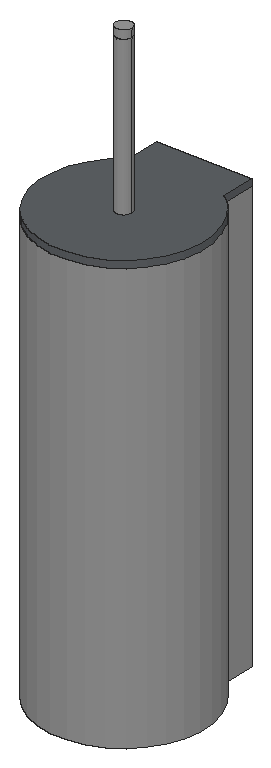
Revit family "KEUCO_14964010100", category Möbel, Revit 2016
Family settings
  Arbeitsebenenbasiert = Nein
  Immer vertikal = Ja
  Beim Laden mit Abzugskörper schneiden = Nein
  Gemeinsam genutzt = Nein
  Raumberechnungspunkt = Nein
Parameters (values of type "14964170100")
  Verwendung = "GWC / WC"  # constant formula
  URL = "https://www.keuco.com/de/produkte/sortiment/artikel/?pid=14964&oid=1&pgo=18&country=de&lang=de&vid=14964170100"
  Serie = "Plan"  # constant formula
  Preisgruppe = "1"  # constant formula
  Materialien bei Hersteller anfragen = "Anfrage zu:  objektmanagement@keuco.de"
  Kategorie = "ACC"  # constant formula
  Hersteller = "KEUCO"  # constant formula
  Gewicht = 0.628  # constant formula
  Beschreibung = "komplett mit Kunststoff-Einsatz, Bürste mit Griff\r\nund Ersatzbürstenkopf"
  Material Abdeckung = Schwarzgrau
  Material Bürste = Verchromt
  Ausschreibungstext = "KEUCO PLAN Toilettenbürstengarnitur 14964170100\r\nToilettenbürstengarnitur aus silber-eloxiertem Aluminium (E6 EV1) \r\nin ästhetischem, funktionalem Design Wandmodell, \r\nkomplett mit Kunststoff-Einsatz, \r\nBürste mit Griff und Ersatzbürstenkopf\r\nherausnehmbarer Kunststoffeinsatz für leichtes Reinigen\r\nHöhe 278 mm (Höhe inklusive Bürste 379 mm), \r\nDurchmesser 104 mm, Ausladung 114 mm\r\nDie Toilettenbürstengarnitur wird verdeckt angebracht\r\nLieferung inkl. korrosionsfreiem Befestigungsmaterial"
  Artikelnummer = "14964170100"
Types (4, lengths in mm): name | URL | Materialien bei Hersteller anfragen | Beschreibung | Material Bürste | Ausschreibungstext | Artikelnummer
  (no name) | "https://www.keuco.com" | "Request to:  objektmanagement@keuco.de" | "--" | Verchromt | "" | "14964010100"
  14964010100 | "https://www.keuco.com/de/produkte/sortiment/artikel/?pid=14964&oid=1&pgo=18&country=de&lang=de&vid=14964010100" | "Request to:  objektmanagement@keuco.de" | "komplett mit Kunststoff-Einsatz, Bürste mit Griff\r\nund Ersatzbürstenkopf" | Verchromt | "KEUCO PLAN Toilettenbürstengarnitur 14964010100\r\nHochglanzverchromte Toilettenbürstengarnitur \r\nin ästhetischem, funktionalem Design, Wandmodell\r\nkomplett mit Kunststoff-Einsatz, \r\nBürste mit Griff und Ersatzbürstenkopf\r\nherausnehmbarer Kunststoffeinsatz für leichtes Reinigen\r\nHöhe 278 mm (Höhe inklusive Bürste 379 mm), \r\nDurchmesser 104 mm, Ausladung 114 mm\r\nDie Toilettenbürstengarnitur wird verdeckt angebracht\r\nLieferung inkl. korrosionsfreiem Befestigungsmaterial" | "14964010100"
  14964070100 | "https://www.keuco.com/de/produkte/sortiment/artikel/?pid=14964&oid=1&pgo=18&country=de&lang=de&vid=14964070100" | "Request to:  objektmanagement@keuco.de" | "komplett mit Kunststoff-Einsatz, Bürste mit Griff\r\nund Ersatzbürstenkopf" | Edelstahl | "KEUCO PLAN Toilettenbürstengarnitur 14964070100\r\nToilettenbürstengarnitur aus hochwertigem Edelstahl \r\nin ästhetischem, funktionalem Design, Wandmodell\r\nkomplett mit Kunststoff-Einsatz, \r\nBürste mit Griff und Ersatzbürstenkopf\r\nherausnehmbarer Kunststoffeinsatz für leichtes Reinigen\r\nHöhe 278 mm (Höhe inklusive Bürste 379 mm), \r\nDurchmesser 104 mm, Ausladung 114 mm\r\nDie Toilettenbürstengarnitur wird verdeckt angebracht\r\nLieferung inkl. korrosionsfreiem Befestigungsmaterial" | "14964070100"
  14964170100 | "https://www.keuco.com/de/produkte/sortiment/artikel/?pid=14964&oid=1&pgo=18&country=de&lang=de&vid=14964170100" | "Anfrage zu:  objektmanagement@keuco.de" | "komplett mit Kunststoff-Einsatz, Bürste mit Griff\r\nund Ersatzbürstenkopf" | Verchromt | "KEUCO PLAN Toilettenbürstengarnitur 14964170100\r\nToilettenbürstengarnitur aus silber-eloxiertem Aluminium (E6 EV1) \r\nin ästhetischem, funktionalem Design Wandmodell, \r\nkomplett mit Kunststoff-Einsatz, \r\nBürste mit Griff und Ersatzbürstenkopf\r\nherausnehmbarer Kunststoffeinsatz für leichtes Reinigen\r\nHöhe 278 mm (Höhe inklusive Bürste 379 mm), \r\nDurchmesser 104 mm, Ausladung 114 mm\r\nDie Toilettenbürstengarnitur wird verdeckt angebracht\r\nLieferung inkl. korrosionsfreiem Befestigungsmaterial" | "14964170100"
Reference planes
  plane 1 "Center (Front/Back)": y = 0
  plane 2: z = 0
  plane 3 "Center (Left/Right)": x = 0
  plane 4: z = 379
Forms (mm)
  Extrusion 1, solid, material "Verchromt" <- "Material Bürste"
    sketch origin (0, 0, 0) x (1, 0, 0) y (0, 1, 0)
      loop
        arc (-29.943, -21.695) -> (0, -113.98) -> (29.943, -21.695) r 51
        line (29.943, -21.695) -> (29.943, 0) -> (-29.943, 0) -> (-29.943, -21.695)
    from 0 to 270.578
  Extrusion 2, solid, material "Schwarzgrau" <- "Material Abdeckung", detail levels medium+fine
    sketch origin (0, 0, 0) x (1, 0, 0) y (0, 1, 0)
      loop
        arc (-29.943, -21.695) -> (0, -113.98) -> (29.943, -21.695) r 51
        line (29.943, -21.695) -> (29.943, 0) -> (-29.943, 0) -> (-29.943, -21.695)
    from 270.578 to 275.141
  Extrusion 3, solid, material "Verchromt" <- "Material Bürste", detail levels medium+fine
    sketch origin (0, 0, 0) x (1, 0, 0) y (0, 1, 0)
      loop
        circle (0, -62.98) r 5
    from 275.141 to 373.589
  Extrusion 4, solid, material "Verchromt" <- "Material Bürste", detail levels medium+fine
    sketch origin (0, 0, 0) x (1, 0, 0) y (0, 1, 0)
      loop
        circle (0, -62.98) r 5
    from 374.28 to 379
Lines and regions (mm)
  symbolic lines
    curve 1: line (-29.943, 0, 0) -> (-29.943, -21.695, 0)
    curve 2: arc (-29.943, -21.695, 0) -> (0, -113.98, 0) -> (29.943, -21.695, 0) r 51
    curve 3: line (29.943, -21.695, 0) -> (29.943, 0, 0)
    curve 4: line (29.943, 0, 0) -> (-29.943, 0, 0)
  symbolic lines, detail levels fine
    curve 5: circle (0, -62.98, 0) r 5 normal (0, 0, 1)
Dimensions and locks
  Extrusion 1 to level = 270.578 mm
  locked: Extrusion 2 to Extrusion 2 at 4.563
  Extrusion 3 to level = 373.589 mm
  locked: Extrusion 4 to Extrusion 3 at 5.411
  plane 4 to plane 2 = 379 mm
  Extrusion 2 to plane 2 = 275.141 mm
  aligned and locked: level to plane 2
  aligned and locked: Extrusion 3 to Extrusion 2
